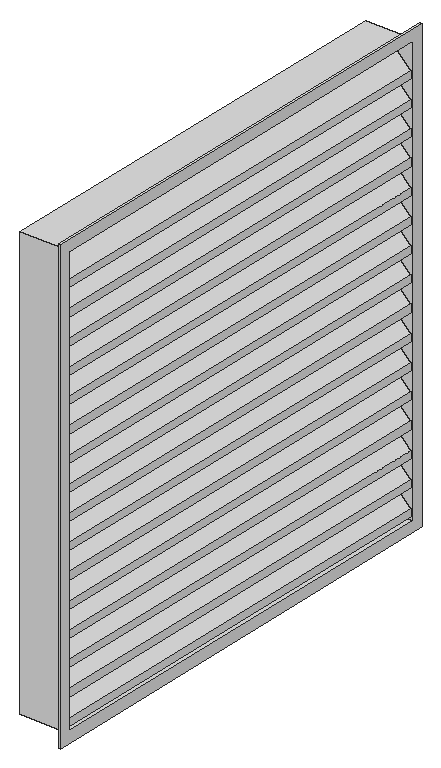
Revit family "Czerpnia ścienna CzS-A-HF", category Urządzenia nawiewne, Revit 2024
Family settings
  Wymiar okrągłego złącza = Użyj średnicy
  Typ części = Normalny
  Numer OmniClass = 23.75.70.21.27.11
  Tytuł OmniClass = Diffusers, Registers, and Grilles
  Oparty na płaszczyźnie roboczej = Nie
  Zawsze pionowo = Tak
  Tnij formami wycięć po wczytaniu = Nie
  Zachowaj orientację opisów = Nie
  Współdzielony = Nie
  Punkt obliczania pomieszczeń = Nie
Parameters (values of type "AL")
  Wysokość wlotu [instance] = H - 10 mm  # 990 mm
  Wysokość otworu montażowego [instance] = 1000 mm
  Wykonanie stal ocynkowana = no
  Wykonanie stal nierdzewna = no
  Wykonanie aluminium = yes
  Wariant 4 - montaż w płycie warstwowej do ryglówki [instance] = Wariant montażu = Montaż w płycie warstwowej do ryglówki  # no
  Wariant 3b - montaż niewidoczny za pomocą wkrętów oraz zamków montażowych w ramie montażowej od przodu [instance] = Wariant montażu = Montaż niewidoczny za pomocą wkrętów oraz zamków montażowych w ramie montażowej od przodu  # no
  Wariant 3a - montaż niewidoczny za pomocą wkrętów oraz zamków montażowych w ramie montażowej od tyłu [instance] = Wariant montażu = Montaż niewidoczny za pomocą wkrętów oraz zamków montażowych w ramie montażowej od tyłu  # no
  Wariant 3 - montaż niewidoczny za pomocą wkrętów oraz zamków montażowych w ramie montażowej [instance] = Wariant montażu = Montaż niewidoczny za pomocą wkrętów oraz zamków montażowych w ramie montażowej  # no
  Wariant wykonania - dzielenie [instance] = if(S1, "Dzielenie na moduły tzw. 'puzzle'", "Rama w całości")  # "Rama w całości"
  Wariant montażu [instance] = Montaż widoczny na wkręty : Montaż widoczny na wkręty
  Wariant 2 - montaż niewidoczny wąsy [instance] = Wariant montażu = Montaż niewidoczny wąsy  # no
  Wariant 1a - montaż widoczny na wkręty na wewnętrznych ścianach ramki [instance] = Wariant montażu = Montaż widoczny na wkręty na wewnętrznych ścianach ramki  # no
  Wariant 1 - montaż widoczny na wkręty [instance] = Wariant montażu = Montaż widoczny na wkręty  # yes
  Waga [instance] = if(or(Wykonanie stal nierdzewna, Wykonanie stal ocynkowana), 1.00 kg * ((L / 1000 mm + 0.1) * 0.15 * 8 * 2) + ((H / 1000 mm + 0.1) * 0.15 kg * 8 * 2) + ((rounddown(H / Rozstaw lameli) * 0.11 kg * L / 1000 mm * 8) + 2.50 kg), ((L / 1000 mm + 0.1) * 0.15 kg * 1.5 * 2.7 * 2) + ((H / 1000 mm + 0.1) * 0.15 kg * 1.5 * 2.7 * 2) + (((rounddown(H / Rozstaw lameli)) * 0.11 kg * 1.5 * L / 1000 mm * 2.7) + 2.50 kg))  # 12.301 kg
  URL = "https://www.sawpol.pl/pl/oferta/item/12-czerpnie-powietrza/61-czs-a"
  Szerokość wlotu [instance] = L - 10 mm  # 990 mm
  Szerokość ramy [instance] = if(Ramka z wywinięciem na ściane, if(or(L < 1001 mm, H < 1001 mm), 25 mm, 50 mm), 15 mm)  # 25 mm
  Szerokość otworu montażowego [instance] = 1000 mm
  Spadek ciśnienia [instance] = if(Prędkość przepływu = 0.0 m/s, 0.0 Pa, if(Rozstaw lameli = 55 mm, 1.6091 Pa * (Prędkość przepływu / (1.0 m/s)) ^ 2 - 0.2559 Pa * (Prędkość przepływu / (1.0 m/s)) + 0.2659 Pa, 1.6091 Pa * (Prędkość przepływu / (1.0 m/s)) ^ 2 - 0.2559 Pa * (Prędkość przepływu / (1.0 m/s)) + 0.2659 Pa))  # 0.0 Pa
  Siatka ochronna [instance] = no
  S1 [instance] = and(L > 2800 mm, H > 1500 mm)  # no
  Rozstaw lameli [instance] = 60 mm  # constant formula
  Ramka z wywinięciem na ściane [instance] = not(Ramka w ceowniku)  # yes
  Ramka w ceowniku [instance] = no
  RAL informacja [instance] = "Jeżeli czerpnia ma zostać pomalowana na kolor z palety RAL, nalezy zaznaczyć poniższy parametr i wpisać numer koloru w parametr <Kolor RAL>"  # constant formula
  Prędkość przepływu [instance] = Przepływ zdeklarowany / Powierzchnia efektywna  # 0.0 m/s
  Przepływ zdeklarowany [instance] = 0.0 m³/h
  Producent = "PPHU SAW-POL"  # constant formula
  Powierzchnia efektywna [instance] = 0.7497 * (H * L) + 0.001 m²  # 0.7507 m²
  Obraz typu = CzS-A-HF.png
  Montaż widoczny na wkręty na wewnętrznych ścianach ramki = Montaż widoczny na wkręty na wewnętrznych ścianach ramki : Montaż widoczny na wkręty na wewnętrznych ścianach ramki
  Montaż widoczny na wkręty = Montaż widoczny na wkręty : Montaż widoczny na wkręty
  Montaż w płycie warstwowej do ryglówki = Montaż w płycie warstwowej do ryglówki : Montaż w płycie warstwowej do ryglówki
  Montaż niewidoczny za pomocą wkrętów oraz zamków montażowych w ramie montażowej od tyłu = Montaż niewidoczny za pomocą wkrętów oraz zamków montażowych w ramie montażowej od tyłu : Montaż niewidoczny za pomocą wkrętów oraz zamków montażowych w ramie montażowej od tyłu
  Montaż niewidoczny za pomocą wkrętów oraz zamków montażowych w ramie montażowej od przodu = Montaż niewidoczny za pomocą wkrętów oraz zamków montażowych w ramie montażowej od przodu : Montaż niewidoczny za pomocą wkrętów oraz zamków montażowych w ramie montażowej od przodu
  Montaż niewidoczny za pomocą wkrętów oraz zamków montażowych w ramie montażowej = Montaż niewidoczny za pomocą wkrętów oraz zamków montażowych w ramie montażowej : Montaż niewidoczny za pomocą wkrętów oraz zamków montażowych w ramie montażowej
  Montaż niewidoczny wąsy = Montaż niewidoczny za pomocą wkrętów oraz wąsów : Montaż niewidoczny za pomocą wkrętów oraz wąsów
  Model = "CzS-A-HF"  # constant formula
  Minimalna wysokość otworu montażowego = 300 mm  # constant formula
  Minimalna szerokość otworu montażowego = 300 mm  # constant formula
  Materiał piór = SAW_POL Aluminium
  Materiał = SAW_POL Aluminium
  Maksymalna wysokość otworu montażowego = 3000 mm  # constant formula
  Maksymalna szerokość otworu montażowego = 5600 mm  # constant formula
  L [instance] = if(Szerokość otworu montażowego < Minimalna szerokość otworu montażowego, Minimalna szerokość otworu montażowego, if(Szerokość otworu montażowego > Maksymalna szerokość otworu montażowego, Maksymalna szerokość otworu montażowego, Szerokość otworu montażowego))  # 1000 mm
  Komentarze typu = "Czerpnia lub wyrzutnia powietrza"  # constant formula
  Kolor czerpni wg palety RAL [instance] = yes
  Kolor RAL [instance] = "RAL9016"
  Kod produktu - wysokość [instance] = H / 1 mm  # 1000
  Kod produktu - wariant montażu [instance] = if([Wariant 1 - montaż widoczny na wkręty], "W1", if([Wariant 1a - montaż widoczny na wkręty na wewnętrznych ścianach ramki], "W1a", if([Wariant 2 - montaż niewidoczny wąsy], "W2", if([Wariant 3 - montaż niewidoczny za pomocą wkrętów oraz zamków montażowych w ramie montażowej], "W3", if([Wariant 3a - montaż niewidoczny za pomocą wkrętów oraz zamków montażowych w ramie montażowej od tyłu], "W3a", if([Wariant 3b - montaż niewidoczny za pomocą wkrętów oraz zamków montażowych w ramie montażowej od przodu], "W3b", if([Wariant 4 - montaż w płycie warstwowej do ryglówki], "W4", "Wybierz wariant montażu")))))))  # "W1"
  Kod produktu - szerokość [instance] = L / 1 mm  # 1000
  Kod produktu - sposób składania zamównienia [instance] = "Nazwa produktu / SzerokośćxWysokość / Materiał / RAL / Rodzaj ramki / Wariant montażu"  # constant formula
  Kod produktu - rodzaj ramki [instance] = if(Ramka z wywinięciem na ściane, "R1", if(Ramka w ceowniku, "R2", ""))  # "R1"
  Kod produktu - nazwa produktu [instance] = Model  # "CzS-A-HF"
  Kod produktu - materiał [instance] = if(Wykonanie stal ocynkowana, "OC", if(Wykonanie aluminium, "AL", if(Wykonanie stal nierdzewna, "KO", "Brak wybranego materiału")))  # "AL"
  Kod produktu - RAL [instance] = if(not(Kolor czerpni wg palety RAL), "RAL9006", Kolor RAL)  # "RAL9016"
  Karta katalogowa = "https://www.sawpol.pl/pliki/pl/CzS-A-HF_Saw-Pol.pdf"
  IfcExportAs = "IfcFlowTerminal"  # constant formula
  H [instance] = if(Wysokość otworu montażowego < Minimalna wysokość otworu montażowego, Minimalna wysokość otworu montażowego, if(Wysokość otworu montażowego > Maksymalna wysokość otworu montażowego, Maksymalna szerokość otworu montażowego, Wysokość otworu montażowego))  # 1000 mm
  Głębokość ramy [instance] = 110 mm  # constant formula
  Domyślna rzędna = 0 mm
  Deklaracja zgodności = "11/DZ/2021/K"  # constant formula
  Atest Higieniczny = "B-BK-60212-0281/21"  # constant formula
Types (3, lengths in mm): name | Wykonanie stal ocynkowana | Wykonanie stal nierdzewna | Wykonanie aluminium | Waga | Materiał piór | Materiał | Kod produktu - materiał
  OC | yes | no | no | 21.86 kg | SAW_POL Stal ocynkowana | SAW_POL Stal ocynkowana | "OC"
  AL | no | no | yes | 12.301 kg | SAW_POL Aluminium | SAW_POL Aluminium | "AL"
  KO | no | yes | no | 21.86 kg | SAW-POL Stal nierdzewna | SAW-POL Stal nierdzewna | "KO"
Reference planes
  plane 1 "Środek (Przód/Tył)": y = 0
  plane 2: z = 0
  plane 3 "Środek (Lewa/Prawa)": x = 0
  plane 4: y = 495
  plane 5: y = -495
  plane 6 "L": x = -55
  plane 7 "1": x = 55
  plane 8 "G": z = 495
  plane 9 "D": z = -495
  plane 10: y = -745
  plane 11: y = 250
  plane 12: y = -250
  plane 13: y = 300
  plane 14: y = -300
  plane 15: x = 292.5
  plane 16: z = 492
  plane 17: z = 500
  plane 18: z = -500
  plane 19: y = 500
  plane 20: y = -500
  plane 21: y = 165
  plane 22: y = -165
  plane 23 "2": x = 58.181
Forms (mm)
  Extrusion 1, solid, material "SAW_POL Aluminium" <- "Materiał", visible <- "Ramka z wywinięciem na ściane", detail levels medium+fine
    sketch origin (-55, 753.399, 1200) x (0, 1, 0) y (0, 0, 1)
      loop
        line (-1245.399, -708) -> (-1245.399, -1692) -> (-261.399, -1692) -> (-261.399, -708) -> (-1245.399, -708)
      loop
        line (-1248.399, -705) -> (-1248.399, -1695) -> (-258.399, -1695) -> (-258.399, -705) -> (-1248.399, -705)
    from 0 to 110
  Extrusion 2, solid, material "SAW_POL Aluminium" <- "Materiał", visible <- "Ramka z wywinięciem na ściane", detail levels medium+fine
    sketch origin (55, -925.227, 1200) x (0, -1, 0) y (0, 0, 1)
      loop
        line (-408.227, -683) -> (-1442.227, -683) -> (-1442.227, -1717) -> (-408.227, -1717) -> (-408.227, -683)
      loop
        line (-433.227, -708) -> (-1417.227, -708) -> (-1417.227, -1692) -> (-433.227, -1692) -> (-433.227, -708)
    from 3 to 0
  Extrusion 3, solid, material "SAW_POL Aluminium" <- "Materiał", visible <- "Ramka w ceowniku", detail levels medium+fine
    sketch origin (55, -925.227, 1200) x (0, -1, 0) y (0, 0, 1)
      loop
        line (-1425.227, -700) -> (-1425.227, -1700) -> (-425.227, -1700) -> (-425.227, -700) -> (-1425.227, -700)
      loop
        line (-1410.227, -715) -> (-1410.227, -1685) -> (-440.227, -1685) -> (-440.227, -715) -> (-1410.227, -715)
    from 3 to 0
  Extrusion 4, solid, material "SAW_POL Aluminium" <- "Materiał", visible <- "Ramka w ceowniku", detail levels medium+fine
    sketch origin (-55, 753.399, 1200) x (0, 1, 0) y (0, 0, 1)
      loop
        line (-253.399, -700) -> (-1253.399, -700) -> (-1253.399, -1700) -> (-253.399, -1700) -> (-253.399, -700)
      loop
        line (-268.399, -715) -> (-1238.399, -715) -> (-1238.399, -1685) -> (-268.399, -1685) -> (-268.399, -715)
    from 3 to 0
  Extrusion 5, solid, material "SAW_POL Aluminium" <- "Materiał", visible <- "Ramka w ceowniku", detail levels medium+fine
    sketch origin (-55, 753.399, 1200) x (0, 1, 0) y (0, 0, 1)
      loop
        line (-1250.399, -703) -> (-1250.399, -1697) -> (-256.399, -1697) -> (-256.399, -703) -> (-1250.399, -703)
      loop
        line (-1253.399, -700) -> (-1253.399, -1700) -> (-253.399, -1700) -> (-253.399, -700) -> (-1253.399, -700)
    from 0 to 110 <- "Głębokość ramy"
  Extrusion 6, solid, material "SAW_POL Aluminium" <- "Materiał", visible <- "S1", detail levels medium+fine
    sketch origin (0, -448.333, -495) x (0, 1, 0) y (-1, 0, 0)
      loop
        line (283.333, -55) -> (293.333, -55) -> (293.333, 55) -> (283.333, 55) -> (273.333, 55) -> (273.333, -55) -> (283.333, -55)
      loop
        line (613.333, -55) -> (623.333, -55) -> (623.333, 55) -> (613.333, 55) -> (603.333, 55) -> (603.333, -55) -> (613.333, -55)
    from 3 to 987
  Sweep 7, solid, material "SAW_POL Aluminium" <- "Materiał", visible <- "Wariant 3b - montaż niewidoczny za pomocą wkrętów oraz zamków montażowych w ramie montażowej od przodu", detail levels medium+fine
    path origin (52, -925.227, 1200) x (0, -1, 0) y (0, 0, 1)
      loop
        line (-425.227, -700) -> (-1425.227, -700) -> (-1425.227, -1700) -> (-425.227, -1700) -> (-425.227, -700)
    profile origin (52, 0, 500) x (0, 0, -1) y (-1, 0, 0)
      loop
        line (0, 107) -> (0, 0) -> (2, 0) -> (2, 107) -> (0, 107)
  Sweep 8, solid, material "SAW_POL Aluminium" <- "Materiał", visible <- "Wariant 3a - montaż niewidoczny za pomocą wkrętów oraz zamków montażowych w ramie montażowej od tyłu", detail levels medium+fine
    path origin (52, -925.227, 1200) x (0, -1, 0) y (0, 0, 1)
      loop
        line (-425.227, -700) -> (-1425.227, -700) -> (-1425.227, -1700) -> (-425.227, -1700) -> (-425.227, -700)
    profile origin (52, 0, 500) x (0, 0, -1) y (-1, 0, 0)
      loop
        line (0, 107) -> (0, 0) -> (2, 0) -> (2, 107) -> (0, 107)
  Sweep 9, solid, material "SAW_POL Aluminium" <- "Materiał", visible <- "Wariant 3 - montaż niewidoczny za pomocą wkrętów oraz zamków montażowych w ramie montażowej", detail levels medium+fine
    path origin (52, -925.227, 1200) x (0, -1, 0) y (0, 0, 1)
      loop
        line (-425.227, -700) -> (-1425.227, -700) -> (-1425.227, -1700) -> (-425.227, -1700) -> (-425.227, -700)
    profile origin (52, 0, 500) x (0, 0, -1) y (-1, 0, 0)
      loop
        line (0, 107) -> (0, 0) -> (2, 0) -> (2, 107) -> (0, 107)
  Sweep 10, solid, material "SAW_POL Aluminium" <- "Materiał", visible <- "Wariant 4 - montaż w płycie warstwowej do ryglówki", detail levels medium+fine
    path origin (52, -925.227, 1200) x (0, -1, 0) y (0, 0, 1)
      loop
        line (-425.227, -700) -> (-1425.227, -700) -> (-1425.227, -1700) -> (-425.227, -1700) -> (-425.227, -700)
    profile origin (52, 0, 500) x (0, 0, -1) y (-1, 0, 0)
      loop
        line (0, 107) -> (0, 0) -> (2, 0) -> (2, 107) -> (0, 107)
Cuts and joins
  joined: Extrusion 1, Extrusion 2
  joined: Extrusion 3, Extrusion 4, Extrusion 5
Lines and regions (mm)
  model lines, style "SAW-POL", detail levels coarse
    curve 1: line (465, 125, 0) -> (135, 125, 0)
    curve 2: line (135, 125, 0) -> (197.354, 161, 0)
    curve 3: line (135, 125, 0) -> (194.582, 90.6, 0)
    curve 4: line (135, 0, 0) -> (465, 0, 0)
    curve 5: line (135, 0, 0) -> (197.354, 36, 0)
    curve 6: line (135, 0, 0) -> (194.582, -34.4, 0)
    curve 7: line (135, -125, 0) -> (465, -125, 0)
    curve 8: line (135, -125, 0) -> (197.354, -89, 0)
    curve 9: line (135, -125, 0) -> (194.582, -159.4, 0)
    curve 10: line (55, 300, 0) -> (55, -300, 0)
    curve 11: line (55, -250, 0) -> (-55, -250, 0)
    curve 12: line (-55, -250, 0) -> (-55, 250, 0)
    curve 13: line (-55, 250, 0) -> (55, 250, 0)
Dimensions and locks
  equal spacing: plane 4, plane 1 "Środek (Przód/Tył)", plane 5
  "Szerokość wlotu": plane 4 to plane 5
  equal spacing: plane 6 "L", plane 3 "Środek (Lewa/Prawa)", plane 7 "1"  (x2)
  equal spacing: plane 8 "G", level, plane 9 "D"
  "Wysokość wlotu": plane 8 "G" to plane 9 "D"
  "Głębokość ramy": plane 6 "L" to plane 7 "1"
  locked: Extrusion 1 sketch curve to Extrusion 1 sketch curve at 3  (x4)
  plane 5 to plane 10 = 250 mm
  locked: plane 11 to plane 1 "Środek (Przód/Tył)" at 250
  locked: plane 12 to plane 1 "Środek (Przód/Tył)" at 250
  locked: plane 13 to plane 11 at 50
  locked: plane 12 to plane 14 at 50
  "Szerokość ramy": Extrusion 1 to Extrusion 2 sketch curve
  "Szerokość ramy": Extrusion 2 sketch curve to Extrusion 2 sketch curve  (x2)
  "Szerokość ramy": Extrusion 2 sketch curve to Extrusion 1
  locked: plane 8 "G" to plane 16 at 3
  equal spacing: plane 18, level, plane 17
  "H": plane 18 to plane 17
  equal spacing: plane 19, plane 1 "Środek (Przód/Tył)", plane 20
  "L": plane 19 to plane 20
  locked: Extrusion 3 sketch curve to plane 20 at 15
  locked: plane 19 to Extrusion 3 sketch curve at 15
  locked: plane 18 to Extrusion 3 sketch curve at 15
  locked: plane 17 to Extrusion 3 sketch curve at 15
  locked: Extrusion 5 sketch curve to Extrusion 5 sketch curve at 3  (x4)
  equal spacing: plane 4, plane 21, plane 22, plane 5
  Extrusion 6 sketch curve to Extrusion 6 sketch curve = 20 mm  (x2)
  equal spacing: Extrusion 6 sketch curve, plane 22, Extrusion 6 sketch curve
  equal spacing: Extrusion 6 sketch curve, plane 21, Extrusion 6 sketch curve
  locked: plane 7 "1" to plane 23 "2" at 3.181
  plane 17 to plane 18 = 1000 mm
  aligned and locked: level to plane 2
  aligned and locked: plane 1 "Środek (Przód/Tył)" to nested 1
  aligned and locked: level to nested 1
  aligned and locked: plane 8 "G" to Extrusion 1
  aligned and locked: Extrusion 1 to plane 9 "D"
  aligned and locked: Extrusion 1 sketch curve to plane 4
  aligned and locked: Extrusion 1 sketch curve to plane 5
  aligned and locked: plane 7 "1" to nested 2
  aligned and locked: plane 7 "1" to nested 3
  aligned and locked: plane 1 "Środek (Przód/Tył)" to nested 4
  aligned and locked: nested 5 to plane 7 "1"
  aligned and locked: nested 6 to plane 7 "1"
  aligned and locked: curve 2 to nested 2
  aligned and locked: curve 3 to nested 2
  aligned and locked: curve 4 to nested 2
  aligned and locked: curve 5 to nested 2
  aligned and locked: curve 6 to nested 2
  aligned and locked: curve 7 to nested 2  (x2)
  aligned and locked: curve 8 to nested 2
  aligned and locked: curve 9 to nested 2
  aligned and locked: plane 13 to curve 10
  aligned and locked: plane 7 "1" to curve 10
  aligned and locked: curve 10 to curve 11
  aligned and locked: curve 11 to nested 2
  aligned and locked: curve 13 to nested 2
  aligned and locked: Extrusion 2 sketch curve to Extrusion 1  (x4)
  aligned and locked: Extrusion 1 to plane 7 "1"
  aligned and locked: plane 17 to Extrusion 3 sketch curve
  aligned and locked: Extrusion 3 sketch curve to plane 19
  aligned and locked: plane 18 to Extrusion 3 sketch curve
  aligned and locked: plane 20 to Extrusion 3 sketch curve
  aligned and locked: Extrusion 5 sketch curve to plane 20
  aligned and locked: Extrusion 5 sketch curve to plane 17
  aligned and locked: Extrusion 5 sketch curve to plane 19
  aligned and locked: plane 18 to Extrusion 5 sketch curve
  aligned and locked: Extrusion 6 to cut or joined group of Extrusion 1, Extrusion 2
  aligned and locked: Sweep 7 sketch curve to plane 6 "L"
  aligned and locked: cut or joined group of Extrusion 1, Extrusion 2 to Sweep 7 sketch curve
  aligned and locked: Sweep 7 sketch curve to plane 17
  aligned and locked: Sweep 7 sketch curve to plane 18
  aligned and locked: Sweep 7 sketch curve to plane 20
  aligned and locked: plane 19 to Sweep 7 sketch curve
  aligned and locked: profile plane to Sweep 7 sketch curve
  aligned and locked: profile plane to Sweep 8 sketch curve
  aligned and locked: profile plane to Sweep 9 sketch curve
  aligned and locked: profile plane to Sweep 10 sketch curve
  aligned and locked: nested 7 to nested 4
  aligned and locked: nested 7 to level
  aligned and locked: Sweep 9 sketch curve to plane 6 "L"
  aligned and locked: Sweep 8 sketch curve to plane 6 "L"
  aligned and locked: Sweep 10 sketch curve to plane 6 "L"
  aligned and locked: level to nested 4
  aligned and locked: nested 5 to level
  aligned and locked: nested 6 to plane 2
Automatic sketch dimensions
  curve 12 to plane 6 "L" = 0 mm
  plane 1 "Środek (Przód/Tył)" to curve 5 = 0 mm
  curve 10 to plane 14 = 0 mm
  curve 11 to plane 12 = 0 mm
  curve 12 to plane 11 = 0 mm
  curve 5 to plane 23 "2" = 76.819 mm
  curve 1 to plane 23 "2" = 76.819 mm
  curve 8 to plane 23 "2" = 76.819 mm
  curve 9 to curve 4 = 125 mm
  curve 2 to plane 1 "Środek (Przód/Tył)" = 125 mm
  plane 1 "Środek (Przód/Tył)" to curve 6 = 34.4 mm
  curve 4 to curve 6 = 59.582 mm
  curve 1 to curve 3 = 59.582 mm
  curve 7 to curve 9 = 59.582 mm
  curve 3 to curve 2 = 2.771 mm
  curve 6 to curve 8 = 2.771 mm
  curve 5 to plane 1 "Środek (Przód/Tył)" = 36 mm
  curve 3 to curve 5 = 2.771 mm
  curve 4 to plane 15 = 172.5 mm
  curve 7 to curve 4 = 0 mm
  curve 1 to curve 4 = 0 mm
  curve 9 to curve 7 = 34.4 mm
  curve 8 to curve 6 = 54.6 mm
  curve 5 to curve 3 = 54.6 mm
  curve 3 to curve 2 = 70.4 mm
  plane 9 "D" to Extrusion 1 sketch curve = 0 mm
  plane 16 to Extrusion 1 sketch curve = 0 mm
  Extrusion 4 sketch curve to plane 17 = 0 mm
  Extrusion 4 sketch curve to plane 20 = 0 mm
  plane 18 to Extrusion 4 sketch curve = 0 mm
  Extrusion 4 sketch curve to plane 19 = 0 mm
  plane 5 to Extrusion 4 sketch curve = 10 mm
  Extrusion 4 sketch curve to plane 4 = 10 mm
  plane 9 "D" to Extrusion 4 sketch curve = 10 mm
  plane 16 to Extrusion 4 sketch curve = 7 mm
  Extrusion 6 sketch curve to plane 6 "L" = 0 mm  (x2)
  Extrusion 6 sketch curve to plane 7 "1" = 0 mm  (x2)
  Extrusion 6 sketch curve to plane 22 = 0 mm  (x2)
  Extrusion 6 sketch curve to plane 21 = 0 mm  (x2)
  Extrusion 6 sketch curve to plane 22 = 10 mm
  Extrusion 6 sketch curve to plane 21 = 10 mm
  Sweep 7 sketch curve to profile plane = 2 mm
  Sweep 8 sketch curve to Extrusion 2 = 8 mm  (x4)
  profile plane to Sweep 8 sketch curve = 0 mm
  Sweep 8 sketch curve to Sweep 8 sketch curve = 2 mm
  Sweep 9 sketch curve to Extrusion 2 = 8 mm  (x4)
  profile plane to Sweep 9 sketch curve = 0 mm
  Sweep 9 sketch curve to Sweep 9 sketch curve = 2 mm
  Sweep 10 sketch curve to Extrusion 2 = 8 mm  (x4)
  profile plane to Sweep 10 sketch curve = 0 mm
  Sweep 10 sketch curve to Sweep 10 sketch curve = 2 mm
Nested families
  nested 1: "Lamele" at (58.181, 0, 0) x (0, -1, 0) z (1, 0, 0), Szerokość <- "L", Wysokość <- "H", Materiał <- "Materiał piór", Rozstaw lameli <- "Rozstaw lameli", type "Lamele", detail levels medium+fine
    with Wysokość 1000 mm, Szerokość 1000 mm, Start 50 mm, Rozstaw lameli 60 mm, Materiał SAW_POL Aluminium, Liczba lameli 16
  nested 2: "Czerpnia rzut" at (0, 0, 0), S <- "Głębokość ramy", type "Czerpnia rzut", detail levels coarse
    with S 110 mm, H 500 mm
  nested 3: "Czerpnia rzut" at (0, 0, 0), H <- "Szerokość wlotu", S <- "Głębokość ramy", type "Czerpnia rzut", detail levels medium+fine
    with S 110 mm, H 990 mm
  nested 4: "Czerpnia lub wyrzutnia prostokątna widok" at (-115, 0, 0) x (0, -1, 0) z (1, 0, 0), Szerokość <- "Szerokość wlotu", Wysokość <- "Wysokość wlotu", Szerokość ramy <- "Szerokość ramy", type "Czerpnia lub wyrzutnia prostokątna widok"
    with Wysokość 990 mm, Szerokość ramy 25 mm, Szerokość 990 mm
  nested 5: "Czerpnia elewacja" at (0, 250, 0) x (1, 0, 0) z (0, 1, 0), H <- "Wysokość wlotu", S <- "Głębokość ramy", type "Czerpnia elewacja", detail levels medium+fine
    with S 110 mm, Rozstaw lameli na wysokości 830 mm, Liczba lameli 5, H 990 mm, Długość kanału 1000 mm
  nested 6: "Czerpnia elewacja" at (0, 250, 0) x (1, 0, 0) z (0, 1, 0), S <- "Głębokość ramy", type "Czerpnia elewacja", detail levels coarse
    with S 110 mm, Rozstaw lameli na wysokości 340 mm, Liczba lameli 2, H 500 mm, Długość kanału 1000 mm
  nested 7: "Siatka ochronna" at (-55, 0, 0) x (0, 1, 0) z (1, 0, 0), C <- "L", D <- "H", visible <- "Siatka ochronna", type "Siatka ochronna", detail levels medium+fine
    with D+15 990 mm, D 1000 mm, C+15 990 mm, C 1000 mm
Connectors
  hvac at (-55, 0, 0), driven by "Wysokość otworu montażowego", driven by "Szerokość otworu montażowego", driven by "Przepływ zdeklarowany", driven by "Spadek ciśnienia"
    settings: on Extrusion 1, index 1, duct flow 0.0 m³/h, flow factor 1, pres drop 0.0 Pa, loss coef 1, conn angle 0.00°, conn width 1000 mm, conn height 1000 mm, conn diameter 609.6 mm, duct sys type 1, conn prof type 1, flow config 0, flow direction 0, loss method 4, conn ref index -1, conn util no, is conn primary yes, conn desc ""
Definition of nested family "Lamele"
  Parameters (values of type "Lamele")
    Wysokość [instance] = 2000 mm
    Szerokość [instance] = 2000 mm
    Start [instance] = (Wysokość - Rozstaw lameli * (Liczba lameli - 1)) / 2  # 65 mm
    Rozstaw lameli [instance] = 55 mm
    Materiał [instance] = none
    Liczba lameli [instance] = if((Wysokość - Rozstaw lameli * (rounddown(Wysokość / Rozstaw lameli) - 1)) / 2 < 45 mm, rounddown(Wysokość / Rozstaw lameli) - 1, rounddown(Wysokość / Rozstaw lameli))  # 35
    Default Elevation = 0 mm
  Reference planes
    plane 1 "Środek (Przód/Tył)": y = 0
    plane 2: z = 0
    plane 3 "Środek (Lewa/Prawa)": x = 0
    plane 4: y = 1000
    plane 5: y = -1000
    plane 6: x = -1000
    plane 7: x = 1000
    plane 8: y = 0
    plane 9: y = 935
    plane 10: y = -935
    plane 11: x = 992.5
    plane 12: y = -992.5
    plane 13: x = -992.5
    plane 14: y = 992.5
    plane 15: z = -30
  Forms (mm)
    Extrusion 1, solid
      sketch origin (0, 0, 0) x (1, 0, 0) y (0, 1, 0)
        loop
          line (-1219.2, 1219.2) -> (-1219.2, -1219.2) -> (1219.2, -1219.2) -> (1219.2, 1219.2) -> (-1219.2, 1219.2)
      from 0 to -304.8
  Dimensions and locks
    equal spacing: plane 6, plane 3 "Środek (Lewa/Prawa)", plane 7
    "Szerokość": plane 6 to plane 7
    equal spacing: plane 4, plane 1 "Środek (Przód/Tył)", plane 5
    "Wysokość": plane 4 to plane 5
    equal spacing: group 1, group 3, group 4, group 5, group 6, group 7, group 8, group 9, group 10, group 11, group 12, group 13, group 14, group 15, group 16, group 17, group 18, group 19, group 20, group 21, group 22, group 23, group 24, group 25, group 26, group 27, group 28, group 29, group 30, group 31, group 32, group 33, group 34, group 35, group 2  (x2)
    equal spacing: group 2, group 35, group 34, group 33, group 32, group 31, group 30, group 29, group 28, group 27, group 26, group 25, group 24, group 23, group 22, group 21, group 20, group 19, group 18, group 17, group 16, group 15, group 14, group 13, group 12, group 11, group 10, group 9, group 8, group 7, group 6, group 5, group 4, group 3, group 1
    "Start": plane 4 to plane 9
    "Start": plane 10 to plane 5
    locked: plane 4 to plane 14 at 7.5
    locked: plane 6 to plane 13 at 7.5
    locked: plane 11 to plane 7 at 7.5
    locked: plane 5 to plane 12 at 7.5
    aligned and locked: plane 2 to Extrusion 1
    aligned and locked: level to Extrusion 1
    aligned and locked: nested 2 to plane 10
    aligned and locked: nested 1 to plane 9
  Automatic sketch dimensions
    Extrusion 1 sketch curve to Extrusion 1 sketch curve = 2438.4 mm  (x2)
  Nested families
    nested 1: "Lamela" at (0, 935, -30), Szerokość <- "Szerokość", Materiał <- "Materiał", type "Lamela"
      with Szerokość 2000 mm, Materiał none
    nested 2: "Lamela" at (0, -935, -30), Szerokość <- "Szerokość", Materiał <- "Materiał", type "Lamela"
      with Szerokość 2000 mm, Materiał none
    nested 3: "Lamela" at (0, 880, -30), Szerokość <- "Szerokość", Materiał <- "Materiał", type "Lamela"
      with Szerokość 2000 mm, Materiał none
    nested 4: "Lamela" at (0, 825, -30), Szerokość <- "Szerokość", Materiał <- "Materiał", type "Lamela"
      with Szerokość 2000 mm, Materiał none
    nested 5: "Lamela" at (0, 770, -30), Szerokość <- "Szerokość", Materiał <- "Materiał", type "Lamela"
      with Szerokość 2000 mm, Materiał none
    nested 6: "Lamela" at (0, 715, -30), Szerokość <- "Szerokość", Materiał <- "Materiał", type "Lamela"
      with Szerokość 2000 mm, Materiał none
    nested 7: "Lamela" at (0, 660, -30), Szerokość <- "Szerokość", Materiał <- "Materiał", type "Lamela"
      with Szerokość 2000 mm, Materiał none
    nested 8: "Lamela" at (0, 605, -30), Szerokość <- "Szerokość", Materiał <- "Materiał", type "Lamela"
      with Szerokość 2000 mm, Materiał none
    nested 9: "Lamela" at (0, 550, -30), Szerokość <- "Szerokość", Materiał <- "Materiał", type "Lamela"
      with Szerokość 2000 mm, Materiał none
    nested 10: "Lamela" at (0, 495, -30), Szerokość <- "Szerokość", Materiał <- "Materiał", type "Lamela"
      with Szerokość 2000 mm, Materiał none
    nested 11: "Lamela" at (0, 440, -30), Szerokość <- "Szerokość", Materiał <- "Materiał", type "Lamela"
      with Szerokość 2000 mm, Materiał none
    nested 12: "Lamela" at (0, 385, -30), Szerokość <- "Szerokość", Materiał <- "Materiał", type "Lamela"
      with Szerokość 2000 mm, Materiał none
    nested 13: "Lamela" at (0, 330, -30), Szerokość <- "Szerokość", Materiał <- "Materiał", type "Lamela"
      with Szerokość 2000 mm, Materiał none
    nested 14: "Lamela" at (0, 275, -30), Szerokość <- "Szerokość", Materiał <- "Materiał", type "Lamela"
      with Szerokość 2000 mm, Materiał none
    nested 15: "Lamela" at (0, 220, -30), Szerokość <- "Szerokość", Materiał <- "Materiał", type "Lamela"
      with Szerokość 2000 mm, Materiał none
    nested 16: "Lamela" at (0, 165, -30), Szerokość <- "Szerokość", Materiał <- "Materiał", type "Lamela"
      with Szerokość 2000 mm, Materiał none
    nested 17: "Lamela" at (0, 110, -30), Szerokość <- "Szerokość", Materiał <- "Materiał", type "Lamela"
      with Szerokość 2000 mm, Materiał none
    nested 18: "Lamela" at (0, 55, -30), Szerokość <- "Szerokość", Materiał <- "Materiał", type "Lamela"
      with Szerokość 2000 mm, Materiał none
    nested 19: "Lamela" at (0, 0, -30), Szerokość <- "Szerokość", Materiał <- "Materiał", type "Lamela"
      with Szerokość 2000 mm, Materiał none
    nested 20: "Lamela" at (0, -55, -30), Szerokość <- "Szerokość", Materiał <- "Materiał", type "Lamela"
      with Szerokość 2000 mm, Materiał none
    nested 21: "Lamela" at (0, -110, -30), Szerokość <- "Szerokość", Materiał <- "Materiał", type "Lamela"
      with Szerokość 2000 mm, Materiał none
    nested 22: "Lamela" at (0, -165, -30), Szerokość <- "Szerokość", Materiał <- "Materiał", type "Lamela"
      with Szerokość 2000 mm, Materiał none
    nested 23: "Lamela" at (0, -220, -30), Szerokość <- "Szerokość", Materiał <- "Materiał", type "Lamela"
      with Szerokość 2000 mm, Materiał none
    nested 24: "Lamela" at (0, -275, -30), Szerokość <- "Szerokość", Materiał <- "Materiał", type "Lamela"
      with Szerokość 2000 mm, Materiał none
    nested 25: "Lamela" at (0, -330, -30), Szerokość <- "Szerokość", Materiał <- "Materiał", type "Lamela"
      with Szerokość 2000 mm, Materiał none
    nested 26: "Lamela" at (0, -385, -30), Szerokość <- "Szerokość", Materiał <- "Materiał", type "Lamela"
      with Szerokość 2000 mm, Materiał none
    nested 27: "Lamela" at (0, -440, -30), Szerokość <- "Szerokość", Materiał <- "Materiał", type "Lamela"
      with Szerokość 2000 mm, Materiał none
    nested 28: "Lamela" at (0, -495, -30), Szerokość <- "Szerokość", Materiał <- "Materiał", type "Lamela"
      with Szerokość 2000 mm, Materiał none
    nested 29: "Lamela" at (0, -550, -30), Szerokość <- "Szerokość", Materiał <- "Materiał", type "Lamela"
      with Szerokość 2000 mm, Materiał none
    nested 30: "Lamela" at (0, -605, -30), Szerokość <- "Szerokość", Materiał <- "Materiał", type "Lamela"
      with Szerokość 2000 mm, Materiał none
    nested 31: "Lamela" at (0, -660, -30), Szerokość <- "Szerokość", Materiał <- "Materiał", type "Lamela"
      with Szerokość 2000 mm, Materiał none
    nested 32: "Lamela" at (0, -715, -30), Szerokość <- "Szerokość", Materiał <- "Materiał", type "Lamela"
      with Szerokość 2000 mm, Materiał none
    nested 33: "Lamela" at (0, -770, -30), Szerokość <- "Szerokość", Materiał <- "Materiał", type "Lamela"
      with Szerokość 2000 mm, Materiał none
    nested 34: "Lamela" at (0, -825, -30), Szerokość <- "Szerokość", Materiał <- "Materiał", type "Lamela"
      with Szerokość 2000 mm, Materiał none
    nested 35: "Lamela" at (0, -880, -30), Szerokość <- "Szerokość", Materiał <- "Materiał", type "Lamela"
      with Szerokość 2000 mm, Materiał none
  Definition of nested family "Lamela"
    Parameters (values of type "Lamela")
      Szerokość [instance] = 2000 mm
      Materiał [instance] = none
      Default Elevation = 1219.2 mm
    Reference planes
      plane 1 "Środek (Przód/Tył)": y = 0
      plane 2: z = 0
      plane 3 "Środek (Lewa/Prawa)": x = 0
      plane 4: x = -1000
      plane 5: x = 1000
      plane 6: x = -992.5
      plane 7: x = 992.5
    Forms (mm)
      Extrusion 1, solid
        sketch origin (0, 0, 0) x (1, 0, 0) y (0, 1, 0)
          loop
            line (-1219.2, 1219.2) -> (-1219.2, -1219.2) -> (1219.2, -1219.2) -> (1219.2, 1219.2) -> (-1219.2, 1219.2)
        from 0 to -304.8
      Extrusion 2, solid, material <- "Materiał", detail levels fine
        sketch origin (0, 0.293, 0.293) x (0, 0, -1) y (0, 1, 0)
          loop
            line (-21.256, 36.766) -> (-21.256, 19.842) -> (24.042, -25.456) -> (24.042, -39.169) -> (26.042, -39.169) -> (26.042, -24.627) -> (-19.256, 20.671) -> (-19.256, 31.938) -> (-12.064, 24.745) -> (-10.65, 26.16) -> (-21.256, 36.766)
        from -992.5 to 992.5
      Extrusion 3, solid, material <- "Materiał", detail levels medium
        sketch origin (0, 0, 0) x (0, 1, 0) y (0, 0, 1)
          loop
            line (21.978, 37.106) -> (-40.188, -25.06) -> (-24.869, -40.379) -> (37.297, 21.787) -> (21.978, 37.106)
        from -992.5 to 992.5
    Dimensions and locks
      locked: plane 4 to plane 6 at 7.5
      locked: plane 7 to plane 5 at 7.5
      equal spacing: plane 4, plane 3 "Środek (Lewa/Prawa)", plane 5
      "Szerokość": plane 4 to plane 5
      aligned and locked: plane 2 to Extrusion 1
      aligned and locked: level to Extrusion 1
      aligned and locked: Extrusion 2 to plane 6
      aligned and locked: plane 7 to Extrusion 2
      aligned and locked: Extrusion 3 to plane 6
      aligned and locked: plane 7 to Extrusion 3
    Automatic sketch dimensions
      Extrusion 1 sketch curve to Extrusion 1 sketch curve = 2438.4 mm  (x2)
      level to Extrusion 2 sketch curve = 21.549 mm
      Extrusion 2 sketch curve to Extrusion 2 sketch curve = 2 mm  (x2)
      Extrusion 2 sketch curve to Extrusion 2 sketch curve = 7.192 mm
      Extrusion 2 sketch curve to Extrusion 2 sketch curve = 1.414 mm  (x2)
      Extrusion 2 sketch curve to level = 23.749 mm
      plane 1 "Środek (Przód/Tył)" to Extrusion 2 sketch curve = 25.163 mm
      Extrusion 2 sketch curve to Extrusion 2 sketch curve = 0.828 mm  (x2)
      Extrusion 2 sketch curve to plane 1 "Środek (Przód/Tył)" = 20.135 mm
      Extrusion 2 sketch curve to Extrusion 2 sketch curve = 4.075 mm
      Extrusion 2 sketch curve to Extrusion 2 sketch curve = 13.713 mm
      plane 1 "Środek (Przód/Tył)" to Extrusion 3 sketch curve = 40.188 mm
      Extrusion 3 sketch curve to Extrusion 3 sketch curve = 15.319 mm  (x2)
      Extrusion 3 sketch curve to plane 1 "Środek (Przód/Tył)" = 21.978 mm
      Extrusion 3 sketch curve to level = 40.379 mm
Definition of nested family "Siatka ochronna"
  Parameters (values of type "Siatka ochronna")
    Materiał = none
    Default Elevation = 1219.2 mm
    D+15 [instance] = D - 10 mm  # 990 mm
    D [instance] = 1000 mm
    C+15 [instance] = C - 10 mm  # 990 mm
    C [instance] = 1000 mm
  Reference planes
    plane 1 "Środek (Przód/Tył)": y = 0
    plane 2: z = 0
    plane 3 "Środek (Lewa/Prawa)": x = 0
    plane 4: x = -495
    plane 5: x = 495
    plane 6: y = 495
    plane 7: y = -495
    plane 8: z = -400
    plane 9: x = -485
    plane 10: y = 485
    plane 11: x = 485
    plane 12: y = -485
  Forms (mm)
    Extrusion 1, solid
      sketch origin (0, 0, 0) x (1, 0, 0) y (0, 1, 0)
        loop
          line (-1219.2, 1219.2) -> (-1219.2, -1219.2) -> (1219.2, -1219.2) -> (1219.2, 1219.2) -> (-1219.2, 1219.2)
      from 0 to -304.8
    Extrusion 2, solid, material <- "Materiał"
      sketch origin (0, 0, 0) x (1, 0, 0) y (0, 1, 0)
        loop
          line (-495, 495) -> (-495, -495) -> (495, -495) -> (495, 495) -> (-495, 495)
        loop
          line (-485, -485) -> (485, -485) -> (485, 485) -> (-485, 485) -> (-485, -485)
      from 0 to 3
    Extrusion 3, solid
      sketch origin (0, 0, 3) x (1, 0, 0) y (0, 1, 0)
        loop
          line (-485, 485) -> (-485, -485) -> (494.184, -485) -> (494.184, 485) -> (-485, 485)
      from -3 to -2
  Dimensions and locks
    equal spacing: plane 4, plane 3 "Środek (Lewa/Prawa)", plane 5
    "C+15": plane 4 to plane 5
    equal spacing: plane 6, plane 1 "Środek (Przód/Tył)", plane 7
    "D+15": plane 6 to plane 7
    plane 2 to plane 8 = 400 mm
    locked: plane 6 to plane 10 at 10
    locked: plane 4 to plane 9 at 10
    locked: plane 11 to plane 5 at 10
    locked: plane 12 to plane 7 at 10
    aligned and locked: plane 2 to Extrusion 1
    aligned and locked: level to Extrusion 1
    aligned and locked: Extrusion 2 sketch curve to plane 4
    aligned and locked: Extrusion 2 sketch curve to plane 6
    aligned and locked: Extrusion 2 sketch curve to plane 5
    aligned and locked: Extrusion 2 sketch curve to plane 7
    aligned and locked: Extrusion 2 sketch curve to plane 11
    aligned and locked: Extrusion 2 sketch curve to plane 12
    aligned and locked: Extrusion 2 sketch curve to plane 9
    aligned and locked: Extrusion 2 sketch curve to plane 10
  Automatic sketch dimensions
    Extrusion 1 sketch curve to Extrusion 1 sketch curve = 2438.4 mm  (x2)
    Extrusion 3 sketch curve to Extrusion 2 = 9.184 mm
    Extrusion 3 sketch curve to Extrusion 2 = 10 mm  (x3)
Definition of nested family "Czerpnia rzut"
  Parameters (values of type "Czerpnia rzut")
    S [instance] = 200 mm
    H [instance] = 2000 mm
  Reference planes
    plane 1 "Środek (Przód/Tył)": y = 0
    plane 2: z = 0
    plane 3 "Środek (Lewa/Prawa)": x = 0
    plane 4: y = 1000
    plane 5: y = -1000
    plane 6: x = -100
    plane 7: x = 100
    plane 8: y = 500
    plane 9: y = -500
    plane 10: x = 65
    plane 11: x = -65
    plane 12: x = 74.5
    plane 13: x = -900
    plane 14: x = 324
  Lines and regions (mm)
    model lines, in view "Poziom odniesienia"
      curve 1: line (-100, 1000, 0) -> (100, 1000, 0)
      curve 2: line (-100, 1000, 0) -> (-100, -1000, 0)
      curve 3: line (100, 1050, 0) -> (100, -1050, 0)
      curve 4: line (-100, -1000, 0) -> (100, -1000, 0)
      curve 5: line (180, -500, 0) -> (468, -500, 0)
      curve 6: line (180, -500, 0) -> (242.354, -464, 0)
      curve 7: line (180, -500, 0) -> (239.582, -534.4, 0)
    detail lines, in view "Poziom odniesienia"
      curve 8: line (180, 0, 0) -> (468, 0, 0)
      curve 9: line (180, 0, 0) -> (242.354, 36, 0)
      curve 10: line (180, 0, 0) -> (239.582, -34.4, 0)
      curve 11: line (180, 500, 0) -> (468, 500, 0)
      curve 12: line (180, 500, 0) -> (242.354, 536, 0)
      curve 13: line (180, 500, 0) -> (239.582, 465.6, 0)
  Dimensions and locks
    "S": plane 6 to plane 7
    "H": plane 4 to plane 5
    equal spacing: plane 4, plane 1 "Środek (Przód/Tył)", plane 5
    equal spacing: plane 6, plane 3 "Środek (Lewa/Prawa)", plane 7
    equal spacing: plane 4, plane 8, plane 1 "Środek (Przód/Tył)", plane 9, curve 4
    locked: plane 10 to plane 7 at 35
    locked: plane 6 to plane 11 at 35
    locked: plane 5 to curve 3 at 50
    locked: curve 3 to plane 4 at 50
    locked: plane 12 to plane 7 at 25.5
    plane 13 to plane 7 = 1000 mm
    angle plane 9 to curve 7 to curve 6 = 150.00° locked, 60.00° locked
    locked: curve 10 to curve 9 (angle 60.00°)
    locked: curve 13 to curve 12 (angle 60.00°)
    locked: curve 12 to plane 8 (angle 150.00°)
    locked: curve 9 to plane 1 "Środek (Przód/Tył)" (angle 150.00°)
    aligned and locked: curve 1 to plane 4
    aligned and locked: curve 2 to plane 6
    aligned and locked: curve 3 to plane 7
    aligned and locked: curve 11 to plane 8
    aligned and locked: plane 1 "Środek (Przód/Tył)" to curve 8
  Automatic sketch dimensions
    curve 5 to plane 9 = 0 mm
    plane 7 to curve 5 = 80 mm
    plane 7 to curve 10 = 80 mm
    plane 7 to curve 13 = 80 mm
    curve 7 to plane 9 = 34.4 mm
    curve 5 to curve 7 = 59.582 mm
    plane 9 to curve 6 = 36 mm
    curve 7 to curve 6 = 2.771 mm
    curve 3 to plane 5 = 50 mm
    curve 1 to curve 3 = 50 mm
    curve 5 to plane 14 = 144 mm
    curve 8 to plane 14 = 144 mm
    curve 11 to plane 14 = 144 mm
Definition of nested family "Czerpnia lub wyrzutnia prostokątna widok"
  Parameters (values of type "Czerpnia lub wyrzutnia prostokątna widok")
    Wysokość [instance] = 2000 mm
    Szerokość ramy [instance] = 50 mm
    Szerokość [instance] = 1000 mm
  Reference planes
    plane 1 "Środek (Przód/Tył)": y = 0
    plane 2: z = 0
    plane 3 "Środek (Lewa/Prawa)": x = 0
    plane 4: y = 1047
    plane 5: y = -1047
    plane 6: x = -547
    plane 7: x = 547
    plane 8: y = 209.4
    plane 9: y = -628.2
    plane 10: x = 521.5
    plane 11: y = 628.2
    plane 12: y = -209.4
    plane 13: x = -250
    plane 14: x = 250
    plane 15: y = 249.916
    plane 16: y = -249.916
    plane 17: y = 49.983
    plane 18: y = -49.983
    plane 19: y = -149.949
    plane 20: y = 149.949
    plane 21: y = -997
    plane 22: y = 997
    plane 23: y = 1000
    plane 24: y = -1000
    plane 25: x = -497
    plane 26: x = 497
    plane 27: x = -500
    plane 28: x = 500
  Lines and regions (mm)
    model lines, in view "Poziom odniesienia", detail levels medium+fine
      curve 1: line (-547, 1047, 0) -> (547, 1047, 0)
      curve 2: line (-547, 1047, 0) -> (-547, -1047, 0)
      curve 3: line (547, 1047, 0) -> (547, -1047, 0)
      curve 4: line (-547, -1047, 0) -> (547, -1047, 0)
    detail lines, in view "Poziom odniesienia", detail levels medium+fine
      curve 5: line (-547, 69.65, 0) -> (-547, 159.667, 0)
      curve 6: line (-547, 159.667, 0) -> (-547, 169.667, 0)
      curve 7: line (-497, 997, 0) -> (497, 997, 0)
      curve 8: line (-497, -997, 0) -> (-497, 997, 0)
      curve 9: line (497, -997, 0) -> (-497, -997, 0)
      curve 10: line (497, 997, 0) -> (497, -997, 0)
      curve 11: line (-497, -628.2, 0) -> (497, -628.2, 0)
      curve 12: line (-497, -209.4, 0) -> (497, -209.4, 0)
      curve 13: line (-497, 209.4, 0) -> (497, 209.4, 0)
      curve 14: line (-497, 628.2, 0) -> (497, 628.2, 0)
    detail lines, in view "Poziom odniesienia", detail levels coarse
      curve 15: line (-250, 249.916, 0) -> (250, 249.916, 0)
      curve 16: line (-250, 249.916, 0) -> (-250, -249.916, 0)
      curve 17: line (250, 249.916, 0) -> (250, -249.916, 0)
      curve 18: line (-250, -249.916, 0) -> (250, -249.916, 0)
      curve 19: line (-200, 199.916, 0) -> (200, 199.916, 0)
      curve 20: line (-200, -199.916, 0) -> (-200, 199.916, 0)
      curve 21: line (200, -199.916, 0) -> (-200, -199.916, 0)
      curve 22: line (200, 199.916, 0) -> (200, -199.916, 0)
      curve 23: line (-200, -149.949, 0) -> (200, -149.949, 0)
      curve 24: line (-200, -49.983, 0) -> (200, -49.983, 0)
      curve 25: line (-200, 49.983, 0) -> (200, 49.983, 0)
      curve 26: line (-200, 149.949, 0) -> (200, 149.949, 0)
  Dimensions and locks
    equal spacing: plane 4, plane 1 "Środek (Przód/Tył)", plane 5
    equal spacing: plane 6, plane 3 "Środek (Lewa/Prawa)", plane 7
    equal spacing: plane 4, plane 11, plane 8, plane 12, plane 9, plane 5
    equal spacing: plane 13, plane 3 "Środek (Lewa/Prawa)", plane 14
    locked: plane 13 to plane 14 at 500
    equal spacing: plane 15, plane 1 "Środek (Przód/Tył)", plane 16
    locked: plane 15 to plane 16 at 499.831
    equal spacing: plane 15, plane 20, plane 17, plane 18, plane 19, plane 16
    locked: curve 16 to curve 20 at 50
    locked: curve 19 to curve 15 at 50
    locked: curve 21 to plane 16 at 50
    locked: curve 22 to curve 17 at 50
    locked: plane 21 to plane 24 at 3
    locked: plane 23 to plane 22 at 3
    "Szerokość ramy": plane 4 to plane 22
    "Szerokość ramy": plane 21 to plane 5
    "Wysokość": plane 23 to plane 24
    equal spacing: plane 25, plane 3 "Środek (Lewa/Prawa)", plane 26
    locked: plane 27 to plane 25 at 3
    locked: plane 26 to plane 28 at 3
    "Szerokość": plane 27 to plane 28
    "Szerokość ramy": plane 6 to plane 25
    aligned and locked: curve 2 to plane 6
    aligned and locked: curve 3 to plane 7
    aligned and locked: plane 6 to curve 5
    aligned and locked: curve 11 to plane 9
    aligned and locked: curve 12 to plane 12
    aligned and locked: curve 13 to plane 8
    aligned and locked: curve 14 to plane 11
    aligned and locked: curve 26 to plane 20
    aligned and locked: curve 25 to plane 17
    aligned and locked: curve 24 to plane 18
    aligned and locked: curve 23 to plane 19
    aligned and locked: curve 16 to plane 13
    aligned and locked: curve 18 to plane 16
    aligned and locked: curve 15 to plane 15
    aligned and locked: plane 21 to curve 9
    aligned and locked: curve 10 to plane 26
    aligned and locked: plane 25 to curve 8
    aligned and locked: curve 1 to plane 4
    aligned and locked: curve 7 to plane 22
    aligned and locked: curve 4 to plane 5
  Automatic sketch dimensions
    curve 17 to plane 14 = 0 mm
    plane 20 to curve 6 = 9.717 mm
    plane 17 to curve 5 = 19.667 mm
    curve 5 to curve 6 = 10 mm
Definition of nested family "Czerpnia elewacja"
  Parameters (values of type "Czerpnia elewacja")
    S [instance] = 200 mm
    Rozstaw lameli na wysokości [instance] = H - 160 mm  # 1340 mm
    Liczba lameli [instance] = if(H > 415 mm, round(H / 175 mm) - 1, 2)  # 8
    H [instance] = 1500 mm
    Długość kanału [instance] = 1000 mm
  Reference planes
    plane 1 "Środek (Przód/Tył)": y = 0
    plane 2: z = 0
    plane 3 "Środek (Lewa/Prawa)": x = 0
    plane 4: y = 750
    plane 5: y = -750
    plane 6: x = -100
    plane 7: x = 100
    plane 8: y = 375
    plane 9: y = -375
    plane 10: x = 65
    plane 11: x = -65
    plane 12: x = 74.5
    plane 13: y = -250
    plane 14: y = 250
    plane 15: y = -670
    plane 16: y = -215
    plane 17: y = 215
    plane 18: y = -180
    plane 19: y = 180
  Lines and regions (mm)
    model lines, in view "Poziom odniesienia"
      curve 1: line (-100, 750, 0) -> (100, 750, 0)
      curve 2: line (-100, 750, 0) -> (-100, -750, 0)
      curve 3: line (100, 800, 0) -> (100, -800, 0)
      curve 4: line (-100, -750, 0) -> (100, -750, 0)
    detail lines, in view "Poziom odniesienia"
      curve 5: line (180.055, -375, 0) -> (468.055, -375, 0)
      curve 6: line (180.055, -375, 0) -> (242.409, -339, 0)
      curve 7: line (180.055, -375, 0) -> (239.637, -409.4, 0)
      curve 8: line (180, 0, 0) -> (468, 0, 0)
      curve 9: line (180, 0, 0) -> (242.354, 36, 0)
      curve 10: line (180, 0, 0) -> (239.582, -34.4, 0)
      curve 11: line (180, 375, 0) -> (468, 375, 0)
      curve 12: line (180, 375, 0) -> (242.354, 411, 0)
      curve 13: line (180, 375, 0) -> (239.582, 340.6, 0)
    detail lines, in view "Poziom odniesienia", not visible
      curve 14: line (180, -250, 0) -> (468, -250, 0)
      curve 15: line (180, -250, 0) -> (242.354, -214, 0)
      curve 16: line (180, -250, 0) -> (239.582, -284.4, 0)
    detail lines, in view "Poziom odniesienia", detail levels medium+fine
      curve 17: line (0, -670, 0) -> (24.749, -645.251, 0)
      curve 18: line (0, -670, 0) -> (-24.749, -694.749, 0)
      curve 19: line (0, 670, 0) -> (24.749, 694.749, 0)
      curve 20: line (0, 670, 0) -> (-24.749, 645.251, 0)
      curve 21: line (0, -478.571, 0) -> (24.749, -453.823, 0)
      curve 22: line (0, -478.571, 0) -> (-24.749, -503.32, 0)
      curve 23: line (0, -287.143, 0) -> (24.749, -262.394, 0)
      curve 24: line (0, -287.143, 0) -> (-24.749, -311.892, 0)
      curve 25: line (0, -95.714, 0) -> (24.749, -70.966, 0)
      curve 26: line (0, -95.714, 0) -> (-24.749, -120.463, 0)
      curve 27: line (0, 95.714, 0) -> (24.749, 120.463, 0)
      curve 28: line (0, 95.714, 0) -> (-24.749, 70.966, 0)
      curve 29: line (0, 287.143, 0) -> (24.749, 311.892, 0)
      curve 30: line (0, 287.143, 0) -> (-24.749, 262.394, 0)
      curve 31: line (0, 478.571, 0) -> (24.749, 503.32, 0)
      curve 32: line (0, 478.571, 0) -> (-24.749, 453.823, 0)
    detail lines, in view "Poziom odniesienia", detail levels coarse
      curve 33: line (0, -180, 0) -> (24.749, -155.251, 0)
      curve 34: line (0, -180, 0) -> (-24.749, -204.749, 0)
      curve 35: line (0, 180, 0) -> (24.749, 204.749, 0)
      curve 36: line (0, 180, 0) -> (-24.749, 155.251, 0)
      curve 37: line (0, -60, 0) -> (24.749, -35.251, 0)
      curve 38: line (0, -60, 0) -> (-24.749, -84.749, 0)
      curve 39: line (0, 60, 0) -> (24.749, 84.749, 0)
      curve 40: line (0, 60, 0) -> (-24.749, 35.251, 0)
  Dimensions and locks
    "S": plane 6 to plane 7
    "H": plane 4 to plane 5
    equal spacing: plane 4, plane 1 "Środek (Przód/Tył)", plane 5
    equal spacing: plane 6, plane 3 "Środek (Lewa/Prawa)", plane 7
    equal spacing: plane 4, plane 8, plane 1 "Środek (Przód/Tył)", plane 9, curve 4
    locked: plane 10 to plane 7 at 35
    locked: plane 6 to plane 11 at 35
    locked: plane 5 to curve 3 at 50
    locked: curve 3 to plane 4 at 50
    locked: plane 12 to plane 7 at 25.5
    plane 4 to plane 5 = 1500 mm
    equal spacing: group 3, group 5, group 6, group 7, group 8, group 9, group 10, group 4  (x3)
    locked: plane 15 to plane 5 at 80
    "Rozstaw lameli na wysokości": curve 18 to curve 20
    equal spacing: plane 14, plane 1 "Środek (Przód/Tył)", plane 13
    locked: plane 14 to plane 13 at 500
    locked: plane 16 to plane 13 at 35
    locked: plane 14 to plane 17 at 35
    plane 18 to plane 16 = 35 mm
    equal spacing: group 11, group 13, group 14, group 12  (x3)
    locked: plane 7 to curve 13 at 80
    locked: plane 7 to curve 10 at 80
    locked: plane 7 to curve 7 at 80.055
    locked: curve 10 to curve 9 (angle 60.00°)
    locked: curve 13 to curve 12 (angle 60.00°)
    locked: curve 12 to plane 8 (angle 150.00°)
    locked: curve 9 to plane 1 "Środek (Przód/Tył)" (angle 150.00°)
    aligned and locked: curve 1 to plane 4
    aligned and locked: curve 2 to plane 6
    aligned and locked: curve 3 to plane 7
    aligned and locked: curve 11 to plane 8
    aligned and locked: plane 1 "Środek (Przód/Tył)" to curve 8
    aligned and locked: curve 5 to plane 9
    aligned and locked: plane 15 to curve 17
    aligned and locked: plane 15 to curve 18
  Automatic sketch dimensions
    curve 3 to plane 5 = 50 mm
    curve 1 to curve 3 = 50 mm
    curve 20 to curve 19 = 24.749 mm  (x2)
    curve 19 to curve 19 = 24.749 mm  (x2)
    curve 18 to curve 17 = 24.749 mm  (x2)
    curve 17 to curve 17 = 24.749 mm  (x2)
    curve 22 to curve 21 = 24.749 mm  (x2)
    curve 21 to curve 21 = 24.749 mm  (x2)
    curve 24 to curve 23 = 24.749 mm  (x2)
    curve 23 to curve 23 = 24.749 mm  (x2)
    curve 26 to curve 25 = 24.749 mm  (x2)
    curve 25 to curve 25 = 24.749 mm  (x2)
    curve 28 to curve 27 = 24.749 mm  (x2)
    curve 27 to curve 27 = 24.749 mm  (x2)
    curve 30 to curve 29 = 24.749 mm  (x2)
    curve 29 to curve 29 = 24.749 mm  (x2)
    curve 32 to curve 31 = 24.749 mm  (x2)
    curve 31 to curve 31 = 24.749 mm  (x2)
    curve 36 to curve 35 = 24.749 mm  (x2)
    curve 35 to curve 35 = 24.749 mm  (x2)
    curve 34 to curve 33 = 24.749 mm  (x2)
    curve 33 to curve 33 = 24.749 mm  (x2)
    curve 38 to curve 37 = 24.749 mm  (x2)
    curve 37 to curve 37 = 24.749 mm  (x2)
    curve 40 to curve 39 = 24.749 mm  (x2)
    curve 39 to curve 39 = 24.749 mm  (x2)
    curve 9 to curve 8 = 225.646 mm
    curve 12 to curve 11 = 225.646 mm
